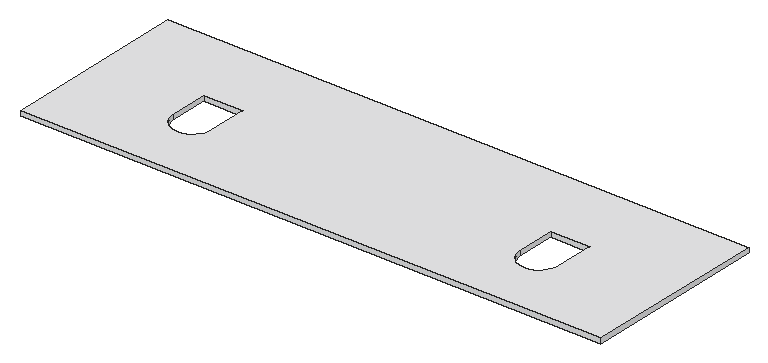
Revit family "Countertop-150cm-WithoutFaucetHole-Double-Vitra-OriginSeries-65751+65752+65753", category Furniture Systems, host Face, Revit 2017
Family settings
  Host = Face
  Round Connector Dimension = Use Diameter
  Part Type = Normal
  OmniClass Number = 23.40.00.00
  OmniClass Title = Equipment and Furnishings
  Cut with Voids When Loaded = No
  Shared = Yes
  Room Calculation Point = No
Parameters (values of type "Countertop-150cm-WithDoubleSyphonHole-Vitra-OriginSeries-65751")
  Youtube = "https://www.youtube.com/user/VitrAglobal"
  Weight Net (kg) = ""
  Warranty Period (Year) = "2"
  Uniformat II Description = "INTERIOR FINISHES"
  Uniformat II Code = "C30"
  Uniclass 2015 Name = "Counter tops"
  Uniclass 2015 Code = "Pr_40_30_30_18"
  Uniclass 2.0 Description = "Counter Tops"
  Uniclass 2.0 Code = "PR-35-12-18"
  Uniclass 1.4 Description = "Counters"
  Uniclass 1.4 Code = "L8571"
  URL = "https://vitraglobal.com/"
  UNSPSC Description = ""
  UNSPSC Code = ""
  Technical description = "https://www.vitraglobal.com/pdf/65751/"
  Tap hole Options (default) = ""
  Specification = ""
  Region South America = "All"
  Region Oceania = "All"
  Region North America = "All"
  Region Middle East = "All"
  Region Europe = "All"
  Region Asia = "All"
  Region Antarctica = "All"
  Region Africa = "All"
  Product url = "https://www.vitraglobal.com/bathroom-furniture/counters/standard-workbenches/origin-top-counter-sku-65751/"
  Product manual = ""
  Product group = "Counters - Standard Workbenches - Top Counter"
  Product family = "Origin"
  Product data url = ""
  Product certification = "https://www.vitraglobal.com/brochures/"
  Product SKU = "65751"
  Product Guid = "https://www.vitraglobal.com/uyeIslem/fileDownload.aspx?udkEnc=t91LkuWjjEqQp66VBm570VGr2Er8OoGKzy80r61Kq7SUIYdfbCJhfyxbNM6Pan+opWzGhQTIz2eT+a96IYsIkQ==&lang=en-US"
  Primary Material = White Glass
  OmniClass Description = "Casework Component Work Surfaces"
  OmniClass Code = "23-21 19 17"
  Nominal Width (mm) = 1505 mm
  Nominal Height (mm) = 12 mm
  Nominal Depth (mm) = 480 mm
  NBS Referans Description = "Counter Tops"
  NBS Referans Code = "35-12-18"
  Mounting type = "Top Counter"
  Model = "65751"
  Masterformat 2014 Description = "Countertops"
  Masterformat 2014 Code = "12 36 00"
  Manufacturer name = "VitrA"
  Manufacturer = "VitrA"
  Main Material = "Glass"
  Installation instructions = "https://www.vitraglobal.com/uyeIslem/fileDownload.aspx?udkEnc=1fRrGZ2oKiN/2uhy/4K141X8txr8vVCfZMj/BImzOWBmuM+SnvG+944SS9l8z7Aym9lXC7xUywiGQHe4NQUEvA==&lang=en-US"
  IFC Classification = "Furnishing Element"
  EAN code = ""
  Design country = "Turkey"
  Description = "Origin Top counter - with double syphon hole - without faucet hole - 150cm - White"
  Default Elevation = 850 mm
  Color = "White"
  COBIe Type Category = ""
  Brand = "VitrA"
  BIMobject category = "Countertops"
  Article No. (default) = "65751"
  Accessories (default) = ""
Types (3, lengths in mm): name | Technical description | Product url | Product group | Product SKU | Product Guid | Primary Material | Model | Installation instructions | Description | Color | Article No. (default)
  Countertop-150cm-WithDoubleSyphonHole-Vitra-OriginSeries-65751 | "https://www.vitraglobal.com/pdf/65751/" | "https://www.vitraglobal.com/bathroom-furniture/counters/standard-workbenches/origin-top-counter-sku-65751/" | "Counters - Standard Workbenches - Top Counter" | "65751" | "https://www.vitraglobal.com/uyeIslem/fileDownload.aspx?udkEnc=t91LkuWjjEqQp66VBm570VGr2Er8OoGKzy80r61Kq7SUIYdfbCJhfyxbNM6Pan+opWzGhQTIz2eT+a96IYsIkQ==&lang=en-US" | White Glass | "65751" | "https://www.vitraglobal.com/uyeIslem/fileDownload.aspx?udkEnc=1fRrGZ2oKiN/2uhy/4K141X8txr8vVCfZMj/BImzOWBmuM+SnvG+944SS9l8z7Aym9lXC7xUywiGQHe4NQUEvA==&lang=en-US" | "Origin Top counter - with double syphon hole - without faucet hole - 150cm - White" | "White" | "65751"
  Countertop-150cm-WithDoubleSyphonHole-Vitra-OriginSeries-65752 | "https://www.vitraglobal.com/pdf/65752/" | "https://www.vitraglobal.com/bathroom-furniture/counters/standard-workbenches/origin-top-counter-sku-65752/" | "Counters - Standard Workbenches - Top Counter\r\n>" | "65752" | "https://www.vitraglobal.com/uyeIslem/fileDownload.aspx?udkEnc=ZK7gMpPUWmt/gP5SE8kIEeJ8HqbH4RyyNdURJNpedxS/whknk1Lk4kkHJx8Q9X/jLPFGaEbwQBltGQjyqee+7Q==&lang=en-US" | Black Glass | "65752" | "https://www.vitraglobal.com/uyeIslem/fileDownload.aspx?udkEnc=aUjjJQc8pFlZdMJh9lBe4XImmBITdc/zNxWlqns3I5lInH/uTcPnbWD7qLRBdZ8cEZAL4i+qN3Arp8zx6LwASw==&lang=en-US" | "Origin Top counter - with double syphon hole - without faucet hole 150cm - Black" | "Black" | "65752"
  Countertop-150cm-WithDoubleSyphonHole-Vitra-OriginSeries-65753 | "https://www.vitraglobal.com/pdf/65753/" | "https://www.vitraglobal.com/bathroom-furniture/counters/standard-workbenches/origin-top-counter-sku-65753/" | "Counters - Standard Workbenches - Top Counter\r\n>" | "65753" | "https://www.vitraglobal.com/uyeIslem/fileDownload.aspx?udkEnc=OYWcaNXz5ZHY2AsTWhVkHp+0xdyickN40lldJmQ2Kr5XG92+A3I8nXT8frDTm/1cbPFTDqpLFMFQ3JwZwPpOIQ==&lang=en-US" | Neolith | "65753" | "https://www.vitraglobal.com/uyeIslem/fileDownload.aspx?udkEnc=Ww4XOivXtJ/1Hhham7y+q/jrn45BDohGwvx0GcgR/19RDJlWL1rlTGhgiH58zO5pZIgOVCb5r65ToH7h15KR3w==&lang=en-US" | "Origin Top counter - with double syphon hole - without faucet hole - 150cm - Neolith" | "Neolith" | "65753"
Reference planes
  plane 1 "Center (Front/Back)": y = 0
  plane 2: z = 0
  plane 3 "Center (Left/Right)": x = -8.77
  plane 4: y = 240
  plane 5: y = -240
  plane 6: z = -838
  plane 7: z = 12
  plane 8: x = -761.27
  plane 9: x = 743.73
Forms (mm)
  Extrusion 1, solid, detail levels coarse
    sketch origin (0, 0, 0) x (1, 0, 0) y (0, 1, 0)
      loop
        line (743.73, 240) -> (-761.27, 240) -> (-761.27, -240) -> (743.73, -240) -> (743.73, 240)
    from 0 to 12
  Extrusion 2, solid, material "White Glass" <- "Primary Material", detail levels medium+fine
    sketch origin (0, 0, 0) x (1, 0, 0) y (0, 1, 0)
      loop
        line (743.73, 240) -> (-761.27, 240) -> (-761.27, -240) -> (743.73, -240) -> (743.73, 240)
      loop
        line (-508.77, 40) -> (-508.77, -60)
        arc (-508.77, -60) -> (-458.77, -110) -> (-408.77, -60) r 50
        line (-408.77, -60) -> (-408.77, 40) -> (-508.77, 40)
      loop
        line (491.23, 40) -> (391.23, 40) -> (391.23, -60)
        arc (391.23, -60) -> (441.23, -110) -> (491.23, -60) r 50
        line (491.23, -60) -> (491.23, 40)
    from 0 to 12
Dimensions and locks
  "Nominal Depth (mm)": plane 4 to plane 5
  plane 7 to plane 6 = 850 mm
  "Nominal Height (mm)": plane 7 to host face
  "Nominal Width (mm)": plane 8 to plane 9
  aligned and locked: plane 2 to host face
  aligned and locked: level to host face
Automatic sketch dimensions
  host sketch curve to host sketch curve = 2438.4 mm  (x2)
  Extrusion 1 sketch curve to plane 5 = 0 mm
  Extrusion 1 sketch curve to plane 4 = 0 mm
  Extrusion 1 sketch curve to plane 3 "Center (Left/Right)" = 752.5 mm
  plane 3 "Center (Left/Right)" to Extrusion 1 sketch curve = 752.5 mm
  Extrusion 2 sketch curve to plane 4 = 0 mm
  Extrusion 2 sketch curve to plane 8 = 0 mm
  Extrusion 2 sketch curve to plane 9 = 0 mm
  Extrusion 2 sketch curve to plane 5 = 0 mm
  Extrusion 2 sketch curve to plane 1 "Center (Front/Back)" = 40 mm  (x2)
  Extrusion 2 sketch curve to plane 8 = 252.5 mm
  Extrusion 2 sketch curve to Extrusion 2 sketch curve = 50 mm  (x2)
  plane 9 to Extrusion 2 sketch curve = 352.5 mm
  plane 1 "Center (Front/Back)" to Extrusion 2 sketch curve = 60 mm  (x2)
